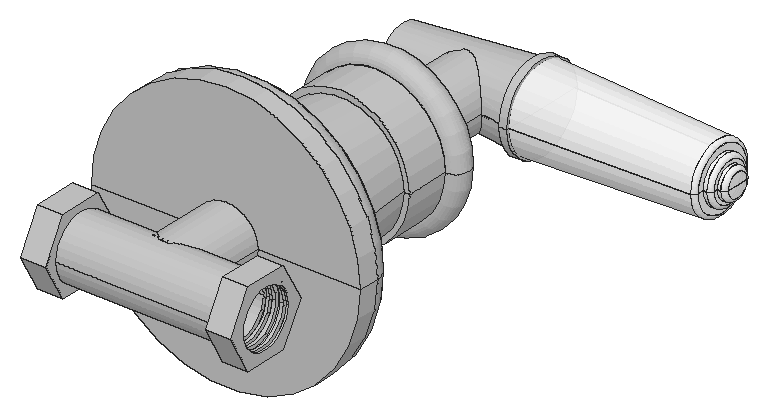
Revit family "SG0059093061BO", category Aparatos sanitarios, Revit 2019
Family settings
  Cota de conector redondo = Diámetro de uso
  Tipo de pieza = Normal
  Número OmniClass = 23.45.00.00
  Título OmniClass = Sanitary, Laundry, and Cleaning Equipment
  Se basa en plano de trabajo = Sí
  Siempre vertical = Sí
  Corte con vacíos al cargar = No
  Compartido = No
  Punto de cálculo de habitación = No
Parameters (values of type "CORVUS LLAVE CAMPANOLA")
  Ø sanitario = 1.50 cm
  Ø exterior = Ø + 0.05 cm  # 0.80 cm
  Ø = Ø sanitario / 2  # 0.75 cm
  texto = texto
  _EDESA_Revisado = "Calidad.Planos@edesa.com.ec"
  _EDESA_ Tolerancia dimensional = ""
  _EDESA_ Tipo de instalación = "Empotrado en la pared"
  _EDESA_ Tipo = "simple"
  _EDESA_ Sku/código = "SG0059093061BO"
  _EDESA_ Profundidad en cm = 9.50 cm
  _EDESA_ Productos necesarios para instalación = "Regadera"
  _EDESA_ Productos incluídos = ""
  _EDESA_ Presión del agua recomendada = 0
  _EDESA_ Peso en kg = 0.00 kg
  _EDESA_ Nombre = "CORVUS LLAVE CAMPANOLA"
  _EDESA_ Materiales = "Latón"
  _EDESA_ Marca = "EDESA"
  _EDESA_ Manual de Instalación = "https://www.edesa.com.ec/productos/instructivos/Griferia/Econovo_Corvus_Aries_Shelby_campanola.pdf"
  _EDESA_ Garantía = "De por vida para el cuerpo principal y acabado en cromo (306)"
  _EDESA_ Ficha Técnica = "https://www.edesa.com.ec/productos/fichastecnicaspdf/Edesa/Griferia/Corvus_campanola.pdf"
  _EDESA_ Descripción = "Llave campanola para ducha."
  _EDESA_ Cumple normativa ADA = ""
  _EDESA_ Contacto comercial = "(02) 395 2900"
  _EDESA_ Consumo/capacidad de agua en L = "9.5 litros por minuto / 2.5 gpm en combinación con cualquiera de nuestras"
  _EDESA_ Consumo de agua = "9.5 litros por minuto / 2.5 gpm en combinación con cualquiera de nuestras"
  _EDESA_ Conexión hidráulica = "Entrada de agua: tubería ø 1/2\""
  _EDESA_ Color = "cromo"
  _EDESA_ Certificación = "Cumple con norma NTE - INEN 3123 basada en la norma ASME 112.18.1 - 2012."
  _EDESA_ Categoría = "Productos > Grifería > Ducha"
  _EDESA_ BIM Manager = "Ing. Evelyn Gavilanez"
  _EDESA_ Autor BIM = "http://www1.veraquintana.net/_sitevq/"
  _EDESA_ Ancho en cm = 6.00 cm
  _EDESA_ Alto en cm = 8.50 cm
  Vidrio = Vidrio
  Uniformat II Description = ""
  Omniclass Code = "23.45.00.00"
  Default Elevation = 121.92 cm
  Cromo = Cromo
  Ancho = 3.80 cm
Reference planes (cm)
  plane 1 "Centro (Frontal/Posterior)": y = 0
  plane 2: z = 0
  plane 3 "Centro (Izquierda/Derecha)": x = 0
  plane 4: y = 0.75
  plane 5: y = -0.75
  plane 6: z = 0.9734
  plane 7: z = -1.2865
  plane 8: y = -1.3312
  plane 9: y = 1.95
  plane 10: x = 1.9
  plane 11: x = -1.9
  plane 12: x = 2.5
  plane 13: x = -1.3
  plane 14: x = 0.75
  plane 15: x = -0.75
  plane 16: y = 10.45
  plane 17 "1": through (0.775, 8.4978, 400) normal (0.0872, -0.9962, 0)
  plane 18: y = 7.046
  plane 19: x = -3.2
  plane 20: x = 6.3
  plane 21: y = 7.95
  plane 22 "logo": through (1.3265, 10.352, 400) normal (0.0872, -0.9962, 0)
Forms (cm)
  Extrusion 1, solid, material "Cromo" <- "Cromo", detail levels medium+fine
    sketch origin (0, 0, 0) x (0, 1, 0) y (0, 0, 1)
      loop
        circle (0, 0) r 0.75
    from -1.9 to 1.9
  Extrusion 2, solid, material "Cromo" <- "Cromo", detail levels medium+fine
    sketch origin (0, 0, 0) x (0, 1, 0) y (0, 0, 1)
      loop
        line (-0.5196, 0.9) -> (-1.0392, 0) -> (-0.5196, -0.9) -> (0.5196, -0.9) -> (1.0392, 0) -> (0.5196, 0.9) -> (-0.5196, 0.9)
    from 1.9 to 2.5
  Extrusion 3, void
    sketch origin (0, 0.0055, 0) x (0, 1, 0) y (0, 0, 1)
      loop
        circle (0, 0) r 0.75
    from 2.3773 to 2.4485
  Extrusion 4, void
    sketch origin (0, 0, 0) x (0, 1, 0) y (0, 0, 1)
      loop
        circle (0, 0) r 0.75
    from 2.3 to 2.2
  Extrusion 5, void, detail levels medium+fine
    sketch origin (0, 0, 0) x (0, 1, 0) y (0, 0, 1)
      loop
        circle (0, 0) r 0.6812
    from -5.9163 to 5.0219
  Extrusion 6, void
    sketch origin (0, 0, 0) x (0, 1, 0) y (0, 0, 1)
      loop
        circle (0, 0) r 0.75
    from 2.0447 to 2.1134
  Extrusion 7, void
    sketch origin (0, 0, 0) x (0, 1, 0) y (0, 0, 1)
      loop
        circle (0, 0) r 0.75
    from 1.9 to 1.9805
  Extrusion 8, solid, material "Cromo" <- "Cromo", detail levels medium+fine
    sketch origin (0, 0, 0) x (1, 0, 0) y (0, 0, 1)
      loop
        circle (0, 0) r 0.75
    from -1.95 to -0.0872
  Revolve 9, solid, material "Cromo" <- "Cromo", detail levels medium+fine
    sketch origin (0, 0, 0) x (1, 0, 0) y (0, 1, 0)
      loop
        line (0, 1.95) -> (3.2, 1.95) -> (3.2, 2.45)
        arc (3.2, 2.45) -> (3.155, 2.6375) -> (3.0512, 2.8) r 0.5814
        line (3.0512, 2.8) -> (0, 2.8) -> (0, 1.95)
      axis (0, 1.95) -> (0, 2.8)
    angle from 0 to 360
  Revolve 10, solid, material "Cromo" <- "Cromo", detail levels medium+fine
    sketch origin (0, 2.732, 0) x (1, 0, 0) y (0, 1, 0)
      loop
        line (0, 0.068) -> (3.0512, 0.068)
        arc (3.0512, 0.068) -> (2.9623, 0.1479) -> (2.859, 0.208) r 0.5814
        line (2.859, 0.208) -> (1.8563, 0.6816)
        arc (1.8563, 0.6816) -> (1.8025, 0.7168) -> (1.754, 0.759) r 0.4667
        line (1.754, 0.759) -> (0, 0.759) -> (0, 0.068)
      axis (0, 0.068) -> (0, 0.759)
    angle from 0 to 360
  Revolve 11, solid, material "Cromo" <- "Cromo", detail levels medium+fine
    sketch origin (0, 2.732, 0) x (1, 0, 0) y (0, 1, 0)
      loop
        line (0, 2.614) -> (1.64, 2.614) -> (1.64, 3.664) -> (0, 3.664) -> (0, 2.614)
      axis (0, 2.614) -> (0, 3.664)
    angle from 0 to 360
  Revolve 12, solid, material "Cromo" <- "Cromo", detail levels medium+fine
    sketch origin (0, 2.732, 0) x (1, 0, 0) y (0, 1, 0)
      loop
        line (0, 3.664) -> (1.64, 3.664)
        arc (1.64, 3.664) -> (1.965, 3.989) -> (1.64, 4.314) r 0.325
        line (1.64, 4.314) -> (0, 4.314) -> (0, 3.664)
      axis (0, 3.664) -> (0, 4.314)
    angle from 0 to 360
  Extrusion 13, solid, material "Cromo" <- "Cromo", detail levels medium+fine
    sketch origin (0, 0, 0) x (0, 1, 0) y (0, 0, -1)
      loop
        line (0.5196, -0.9) -> (1.0392, 0) -> (0.5196, 0.9) -> (-0.5196, 0.9) -> (-1.0392, 0) -> (-0.5196, -0.9) -> (0.5196, -0.9)
    from 1.9 to 2.5
  Extrusion 14, void
    sketch origin (0, 0.0055, 0) x (0, 1, 0) y (0, 0, -1)
      loop
        circle (0, 0) r 0.75
    from 2.3773 to 2.4485
  Extrusion 15, void
    sketch origin (0, 0, 0) x (0, 1, 0) y (0, 0, -1)
      loop
        circle (0, 0) r 0.75
    from 2.3 to 2.2
  Extrusion 16, void
    sketch origin (0, 0, 0) x (0, 1, 0) y (0, 0, -1)
      loop
        circle (0, 0) r 0.75
    from 2.0447 to 2.1134
  Extrusion 17, void
    sketch origin (0, 0, 0) x (0, 1, 0) y (0, 0, -1)
      loop
        circle (0, 0) r 0.75
    from 1.9 to 1.9805
  Revolve 18, solid, material "Cromo" <- "Cromo"
    sketch origin (0, 0, 0) x (1, 0, 0) y (0, 1, 0)
      loop
        line (0, 3.491) -> (1.754, 3.491)
        arc (1.754, 3.491) -> (1.6977, 3.5817) -> (1.6645, 3.6832) r 0.4482
        line (1.6645, 3.6832) -> (1.5, 5.346) -> (0, 5.346) -> (0, 3.491)
      axis (0, 5.346) -> (0, 3.491)
    angle from 0 to 360
  Revolve 19, solid, material "Cromo" <- "Cromo"
    sketch origin (0, 0, 0) x (1, 0, 0) y (0, 1, 0)
      loop
        line (0, 7.046) -> (1.645, 7.046)
        arc (1.645, 7.046) -> (1.0925, 7.2434) -> (0.79, 7.746) r 0.8722
        line (0.79, 7.746) -> (0.79, 9.419) -> (0, 9.419) -> (0, 7.046)
      axis (0, 9.419) -> (0, 7.046)
    angle from 0 to 360
  Revolve 20, solid, material "Cromo" <- "Cromo"
    sketch origin (0, 0, 0) x (1, 0, 0) y (0, 1, 0)
      loop
        line (-1.774, 9.419) -> (1.5265, 9.419) -> (1.5265, 10.449) -> (1.3265, 10.449) -> (1.3265, 10.352) -> (-1.774, 10.0808) -> (-1.774, 9.419)
      axis (1.5265, 9.419) -> (-1.774, 9.419)
    angle from 0 to 360
  Revolve 21, solid, material "Vidrio" <- "Vidrio"
    sketch origin (0, 0, 0) x (1, 0, 0) y (0, 1, 0)
      loop
        line (1.5265, 9.419) -> (5.8265, 9.419) -> (6.0065, 9.419) -> (6.1865, 9.419) -> (6.1865, 9.694)
        arc (6.1865, 9.694) -> (6.1572, 9.7648) -> (6.0865, 9.794) r 0.1
        line (6.0865, 9.794) -> (6.0065, 9.794) -> (6.0065, 9.884)
        arc (6.0065, 9.884) -> (5.9772, 9.9548) -> (5.9065, 9.984) r 0.1
        line (5.9065, 9.984) -> (5.8265, 9.984) -> (5.8265, 10.14)
        arc (5.8265, 10.14) -> (5.7972, 10.2108) -> (5.7265, 10.24) r 0.1
        line (5.7265, 10.24) -> (1.5265, 10.404) -> (1.5265, 9.419)
      axis (1.5265, 9.419) -> (6.1865, 9.419)
    angle from 0 to 360
Cuts and joins
  Extrusion 3, Extrusion 4, Extrusion 5, Extrusion 6, Extrusion 7, Extrusion 14, Extrusion 15, Extrusion 16, Extrusion 17 cuts Extrusion 2
  Extrusion 5, Extrusion 17 cuts Extrusion 1
  Extrusion 5, Extrusion 17 cuts Extrusion 8
  Extrusion 5, Extrusion 14, Extrusion 15, Extrusion 16, Extrusion 17 cuts Extrusion 13
  joined: Revolve 19, Revolve 20
Lines and regions (cm)
  model lines, detail levels coarse
    curve 1: line (-1.5, 0, 0) -> (2.5, 0, 0)
    curve 2: line (2.2, 0.9238, 0) -> (2.2, -0.9238, 0)
    curve 3: line (2.2, -0.9238, 0) -> (-1.2, 0.9238, 0)
    curve 4: line (-1.2, -0.5039, 0) -> (2.2, 0.9238, 0)
    curve 5: line (0, 0, 0) -> (0, 1.7606, 0)
    curve 6: line (-2.2, 0.9238, 0) -> (-2.2, -0.9238, 0)
Dimensions and locks (cm)
  equal spacing: plane 4, plane 1 "Centro (Frontal/Posterior)", plane 5
  equal spacing: plane 11, plane 3 "Centro (Izquierda/Derecha)", plane 10
  "Ancho": plane 11 to plane 10
  plane 10 to plane 12 = 0.60 cm
  equal spacing: plane 14, plane 3 "Centro (Izquierda/Derecha)", plane 15
  "Ø sanitario": plane 14 to plane 15
  plane 9 to plane 16 = 8.50 cm
  plane 9 to plane 4 = 1.20 cm
  plane 19 to plane 20 = 9.50 cm
  plane 9 to plane 21 = 6.00 cm
  "Ø": radius of Extrusion 1 sketch curve
  "Ø": radius of Extrusion 8 sketch curve
  aligned and locked: level to plane 2
  aligned and locked: Extrusion 1 to plane 11
  aligned and locked: plane 12 to Extrusion 2
  aligned and locked: plane 10 to Extrusion 1
  aligned and locked: Extrusion 2 to cut or joined group of Extrusion 1, Extrusion 5, Extrusion 17
Automatic sketch dimensions
  plane 1 "Centro (Frontal/Posterior)" to curve 1 = 0.00 cm
  plane 1 "Centro (Frontal/Posterior)" to curve 5 = 0.00 cm
  curve 5 to plane 3 "Centro (Izquierda/Derecha)" = 0.00 cm
  curve 1 to plane 12 = 0.00 cm
  plane 13 to curve 3 = 0.10 cm
  plane 13 to curve 4 = 0.10 cm
  plane 10 to curve 2 = 0.30 cm
  plane 1 "Centro (Frontal/Posterior)" to curve 4 = 0.5039 cm
  curve 3 to plane 5 = 0.1738 cm
  plane 4 to curve 3 = 0.1738 cm
  curve 1 to plane 13 = 0.20 cm
  curve 6 to plane 11 = 0.30 cm
  curve 6 to plane 5 = 0.1738 cm
  plane 4 to curve 6 = 0.1738 cm
  plane 9 to curve 5 = 0.1894 cm
  Extrusion 3 sketch curve to level = 0.00 cm
  Extrusion 3 sketch curve to plane 1 "Centro (Frontal/Posterior)" = 0.0055 cm
  Extrusion 4 sketch curve to level = 0.00 cm
  Extrusion 4 sketch curve to plane 1 "Centro (Frontal/Posterior)" = 0.00 cm
  Extrusion 5 sketch curve to level = 0.00 cm
  Extrusion 5 sketch curve to plane 1 "Centro (Frontal/Posterior)" = 0.00 cm
  Extrusion 6 sketch curve to level = 0.00 cm
  Extrusion 6 sketch curve to plane 1 "Centro (Frontal/Posterior)" = 0.00 cm
  Extrusion 7 sketch curve to level = 0.00 cm
  Extrusion 7 sketch curve to plane 1 "Centro (Frontal/Posterior)" = 0.00 cm
  Extrusion 14 sketch curve to level = 0.00 cm
  Extrusion 14 sketch curve to plane 1 "Centro (Frontal/Posterior)" = 0.0055 cm
  Extrusion 15 sketch curve to level = 0.00 cm
  Extrusion 15 sketch curve to plane 1 "Centro (Frontal/Posterior)" = 0.00 cm
  Extrusion 16 sketch curve to level = 0.00 cm
  Extrusion 16 sketch curve to plane 1 "Centro (Frontal/Posterior)" = 0.00 cm
  Extrusion 17 sketch curve to level = 0.00 cm
  Extrusion 17 sketch curve to plane 1 "Centro (Frontal/Posterior)" = 0.00 cm
  Revolve 9 sketch curve to plane 3 "Centro (Izquierda/Derecha)" = 0.00 cm  (x2)
  plane 9 to Revolve 9 sketch curve = 0.00 cm  (x2)
  plane 12 to Revolve 9 sketch curve = 0.12 cm
  plane 12 to Revolve 9 sketch curve = 0.70 cm
  Revolve 9 sketch curve to plane 9 = 0.46 cm
  plane 12 to Revolve 9 sketch curve = 0.5512 cm
  Revolve 9 sketch curve to plane 9 = 0.41 cm
  Revolve 9 sketch curve to plane 9 = 0.50 cm
  Revolve 10 sketch curve to plane 3 "Centro (Izquierda/Derecha)" = 0.00 cm  (x2)
  plane 12 to Revolve 10 sketch curve = 0.12 cm
  Revolve 10 sketch curve to plane 9 = 0.46 cm
  Revolve 10 sketch curve to plane 9 = 0.85 cm
  Revolve 10 sketch curve to Revolve 10 sketch curve = 0.691 cm
  Revolve 10 sketch curve to plane 10 = 0.146 cm
  plane 12 to Revolve 10 sketch curve = 0.359 cm
  Revolve 10 sketch curve to Revolve 10 sketch curve = 0.1922 cm
  Revolve 10 sketch curve to Revolve 10 sketch curve = 0.0774 cm
  Revolve 10 sketch curve to Revolve 10 sketch curve = 0.35 cm
  Revolve 10 sketch curve to plane 10 = 0.0437 cm
  plane 10 to Revolve 10 sketch curve = 0.184 cm
  Revolve 10 sketch curve to Revolve 10 sketch curve = 1.616 cm
  Revolve 18 sketch curve to plane 3 "Centro (Izquierda/Derecha)" = 0.00 cm  (x2)
  Revolve 18 sketch curve to plane 10 = 0.40 cm
  Revolve 18 sketch curve to plane 10 = 0.2355 cm
  Revolve 18 sketch curve to plane 10 = 0.146 cm
  plane 10 to Revolve 18 sketch curve = 0.204 cm
  Revolve 18 sketch curve to plane 9 = 1.541 cm
  Revolve 18 sketch curve to Revolve 18 sketch curve = 0.1922 cm
  Revolve 18 sketch curve to Revolve 18 sketch curve = 1.855 cm
  Revolve 18 sketch curve to Revolve 18 sketch curve = 0.3313 cm
  Revolve 18 sketch curve to Revolve 18 sketch curve = 0.00 cm
  Revolve 11 sketch curve to plane 3 "Centro (Izquierda/Derecha)" = 0.00 cm  (x2)
  Revolve 11 sketch curve to plane 10 = 0.26 cm
  plane 16 to Revolve 11 sketch curve = 4.054 cm
  Revolve 11 sketch curve to Revolve 11 sketch curve = 0.012 cm
  Revolve 11 sketch curve to Revolve 11 sketch curve = 1.038 cm
  Revolve 11 sketch curve to Revolve 11 sketch curve = 0.6579 cm
  Revolve 12 sketch curve to plane 3 "Centro (Izquierda/Derecha)" = 0.00 cm  (x2)
  Revolve 12 sketch curve to plane 10 = 0.26 cm
  plane 16 to Revolve 12 sketch curve = 4.054 cm
  Revolve 12 sketch curve to Revolve 12 sketch curve = 0.325 cm
  Revolve 12 sketch curve to Revolve 12 sketch curve = 0.00 cm  (x2)
  Revolve 19 sketch curve to plane 3 "Centro (Izquierda/Derecha)" = 0.00 cm  (x2)
  Revolve 19 sketch curve to plane 18 = 0.00 cm
  plane 14 to Revolve 19 sketch curve = 0.04 cm
  Revolve 19 sketch curve to plane 10 = 0.255 cm
  plane 18 to Revolve 19 sketch curve = 0.70 cm
  plane 16 to Revolve 19 sketch curve = 1.031 cm
  Revolve 19 sketch curve to plane 18 = 0.2989 cm
  Revolve 19 sketch curve to Revolve 19 sketch curve = 0.00 cm
  plane 11 to Revolve 20 sketch curve = 0.126 cm
  plane 16 to Revolve 20 sketch curve = 0.001 cm
  Revolve 20 sketch curve to plane 10 = 0.5735 cm
  Revolve 20 sketch curve to Revolve 20 sketch curve = 0.20 cm
  Revolve 20 sketch curve to Revolve 20 sketch curve = 0.097 cm
  plane 16 to Revolve 20 sketch curve = 0.3692 cm
  Revolve 20 sketch curve to Revolve 20 sketch curve = 0.933 cm
  Revolve 20 sketch curve to plane 11 = 0.9488 cm
  Revolve 20 sketch curve to Revolve 20 sketch curve = 0.00 cm
  plane 16 to Revolve 20 sketch curve = 1.031 cm
  Revolve 21 sketch curve to plane 10 = 0.3735 cm
  plane 16 to Revolve 21 sketch curve = 0.31 cm
  Revolve 21 sketch curve to Revolve 21 sketch curve = 0.10 cm  (x2)
  Revolve 21 sketch curve to Revolve 21 sketch curve = 0.08 cm  (x2)
  Revolve 21 sketch curve to Revolve 21 sketch curve = 0.18 cm
  plane 20 to Revolve 21 sketch curve = 0.1135 cm
  Revolve 21 sketch curve to Revolve 21 sketch curve = 0.156 cm
  Revolve 21 sketch curve to Revolve 21 sketch curve = 0.275 cm
  plane 16 to Revolve 21 sketch curve = 0.046 cm
  Revolve 21 sketch curve to Revolve 21 sketch curve = 0.00 cm  (x2)
  Revolve 21 sketch curve to plane 20 = 1.3771 cm
  Revolve 21 sketch curve to Revolve 21 sketch curve = 0.09 cm
  Revolve 21 sketch curve to Revolve 21 sketch curve = 0.36 cm
  plane 20 to Revolve 21 sketch curve = 0.5735 cm
  Extrusion 1 sketch curve to level = 0.00 cm
  Extrusion 1 sketch curve to plane 1 "Centro (Frontal/Posterior)" = 0.00 cm
  Extrusion 8 sketch curve to level = 0.00 cm
  Extrusion 8 sketch curve to plane 3 "Centro (Izquierda/Derecha)" = 0.00 cm
  radius of Extrusion 3 sketch curve = 0.75 cm
  radius of Extrusion 4 sketch curve = 0.75 cm
  radius of Extrusion 5 sketch curve = 0.6812 cm
  radius of Extrusion 6 sketch curve = 0.75 cm
  radius of Extrusion 7 sketch curve = 0.75 cm
  radius of Extrusion 14 sketch curve = 0.75 cm
  radius of Extrusion 15 sketch curve = 0.75 cm
  radius of Extrusion 16 sketch curve = 0.75 cm
  radius of Extrusion 17 sketch curve = 0.75 cm
Connectors (cm)
  piping at (2.5, 0, 0), diameter 1.5, driven by "Ø sanitario"
    settings: on cut or joined group of Extrusion 2, Extrusion 3, Extrusion 4, Extrusion 5, Extrusion 6, Extrusion 7, Extrusion 14, Extrusion 15, Extrusion 16, Extrusion 17, index 3, connector inside diameter 609.6 mm, connector length 0.00 cm, flow factor 0, pipe flow 9.5 L/s, pressure drop 0.0 Pa, fitting loss kfactor 0, connector angle 0.00°, fixture units 0, engagement length 0.00 cm, angle of deflection 0.00°, flow configuration 0, flow direction 1, fitting loss method 2, system type 19, joint type 0, gender type 0, connector reference index -1, connector utility 0, adjustable connector no, is connector primary yes, connector description ""
  piping at (-2.5, 0, 0), diameter 1.5, driven by "Ø sanitario"
    settings: on cut or joined group of Extrusion 5, Extrusion 13, Extrusion 14, Extrusion 15, Extrusion 16, Extrusion 17, index 4, connector inside diameter 609.6 mm, connector length 0.00 cm, flow factor 0, pipe flow 9.5 L/s, pressure drop 0.0 Pa, fitting loss kfactor 0, connector angle 0.00°, fixture units 0, engagement length 0.00 cm, angle of deflection 0.00°, flow configuration 0, flow direction 1, fitting loss method 2, system type 20, joint type 0, gender type 0, connector reference index -1, connector utility 0, adjustable connector no, is connector primary no, connector description ""
